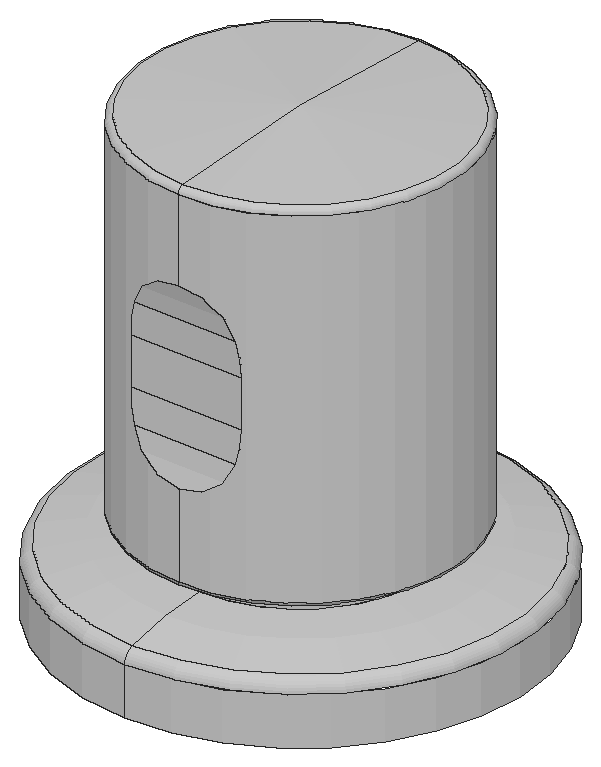
Revit family "BFS_Plumbing_Valves_hansgrohe_74997XXX-Zesis-S-Shut-off-valve_concealed-installation", category Plumbing Fixtures, host Face, Revit 2022
Family settings
  Host = Face
  Round Connector Dimension = Use Diameter
  Part Type = Normal
  OmniClass Number = 23.27.31.00
  OmniClass Title = Valves
  Cut with Voids When Loaded = No
  Maintain Annotation Orientation = No
  Shared = No
  Room Calculation Point = No
Parameters (values of type "000 Chrome")
  Version = 1  # constant formula
  URL = "https://www.hansgrohe.com/"
  Product data url = "https://www.bimobject.com/en/hansgrohe/product/74997XXX"
  Product Page URL = "https://www.hansgrohe.com/articledetail--74997000"
  Model = "74997XXX"  # constant formula
  Material 1 = Hansgrohe - Metal - 000 Chrome
  Manufacturer = "Hansgrohe"  # constant formula
  Description = "Zesis S Shut-off valve for concealed installation"  # constant formula
  Default Elevation = 0 mm
  Date Updated = ""
  Date Created = "2024/12/16"  # constant formula
Reference planes
  plane 1 "Center (Front/Back)": y = 0
  plane 2: z = 0
  plane 3 "Center (Left/Right)": x = 0
Forms (mm)
  Revolve 1, solid, material "Hansgrohe - Metal - 000 Chrome" <- "Material 1", detail levels fine
    sketch origin (0, 0, 0) x (0, 1, 0) y (0, 0, 1)
      loop
        line (33, 0) -> (33, 7.208)
        arc (33, 7.208) -> (32.585, 8.428) -> (31.512, 9.142) r 2
        arc (31.512, 9.142) -> (25.308, 10.392) -> (19, 10.891) r 52.796
        line (19, 10.891) -> (19, 13.4) -> (22.5, 13.4)
        arc (22.5, 13.4) -> (22.854, 13.546) -> (23, 13.9) r 0.5
        line (23, 13.9) -> (23, 65.996)
        arc (23, 65.996) -> (22.739, 66.67) -> (22.091, 66.991) r 1
        arc (22.091, 66.991) -> (11.057, 67.748) -> (0, 68) r 242.45
        line (0, 68) -> (0, 0) -> (33, 0)
      axis (0, 68) -> (0, 0)
    angle from 0 to 360
  Extrusion 2, void
    sketch origin (0, 0, 0) x (0, 1, 0) y (0, 0, 1)
      loop
        arc (-21.467, 43.65) -> (-21.524, 46.04) -> (-21.696, 48.425) r 49.94
        arc (-21.696, 48.425) -> (-22.611, 52.783) -> (-24.467, 56.83) r 20.034
        line (-24.467, 56.83) -> (-24.467, 23.47)
        arc (-24.467, 23.47) -> (-22.611, 27.517) -> (-21.696, 31.875) r 20.034
        arc (-21.696, 31.875) -> (-21.524, 34.26) -> (-21.467, 36.65) r 49.94
        line (-21.467, 36.65) -> (-21.467, 43.65)
    from -15 to 15
  Revolve 3, solid, material "Hansgrohe - Metal - 000 Chrome" <- "Material 1", detail levels coarse+medium
    sketch origin (0, 0, 0) x (0, 1, 0) y (0, 0, 1)
      loop
        line (33, 0) -> (33, 8.934) -> (23, 10.331) -> (23, 68) -> (0, 68) -> (0, 0) -> (33, 0)
      axis (0, 68) -> (0, 0)
    angle from 0 to 360
Cuts and joins
  Extrusion 2 cuts Revolve 1
Lines and regions (mm)
  Masking region 1
    outline origin (0, 0, 0) x (1, 0, 0) y (0, 1, 0)
      loop
        circle (0, 0) r 33
  Masking region 2
    outline origin (0, 0, 0) x (0, 1, 0) y (0, 0, 1)
      loop
        arc (31.512, 9.142) -> (25.308, 10.392) -> (19, 10.891) r 52.796
        line (19, 10.891) -> (19, 13.4) -> (22.5, 13.4)
        arc (22.5, 13.4) -> (22.854, 13.546) -> (23, 13.9) r 0.5
        line (23, 13.9) -> (23, 65.996)
        arc (23, 65.996) -> (22.739, 66.67) -> (22.091, 66.991) r 1
        arc (22.091, 66.991) -> (11.057, 67.748) -> (0, 68) r 242.45
        arc (0, 68) -> (-11.057, 67.748) -> (-22.091, 66.991) r 242.45
        arc (-22.091, 66.991) -> (-22.739, 66.67) -> (-23, 65.996) r 1
        line (-23, 65.996) -> (-23, 53.858)
        arc (-23, 53.858) -> (-22.157, 51.187) -> (-21.696, 48.425) r 20.034
        arc (-21.696, 48.425) -> (-21.524, 46.04) -> (-21.467, 43.65) r 49.94
        line (-21.467, 43.65) -> (-21.467, 36.65)
        arc (-21.467, 36.65) -> (-21.524, 34.26) -> (-21.696, 31.875) r 49.94
        arc (-21.696, 31.875) -> (-22.157, 29.113) -> (-23, 26.442) r 20.034
        line (-23, 26.442) -> (-23, 13.9)
        arc (-23, 13.9) -> (-22.854, 13.546) -> (-22.5, 13.4) r 0.5
        line (-22.5, 13.4) -> (-19, 13.4) -> (-19, 10.891)
        arc (-19, 10.891) -> (-25.308, 10.392) -> (-31.512, 9.142) r 52.796
        arc (-31.512, 9.142) -> (-32.585, 8.428) -> (-33, 7.208) r 2
        line (-33, 7.208) -> (-33, 0) -> (0, 0) -> (33, 0) -> (33, 7.208)
        arc (33, 7.208) -> (32.585, 8.428) -> (31.512, 9.142) r 2
  Masking region 3
    outline origin (0, 0, 0) x (1, 0, 0) y (0, 0, 1)
      loop
        arc (-19, 10.891) -> (-25.308, 10.392) -> (-31.512, 9.142) r 52.796
        arc (-31.512, 9.142) -> (-32.585, 8.428) -> (-33, 7.208) r 2
        line (-33, 7.208) -> (-33, 0) -> (0, 0) -> (33, 0) -> (33, 7.208)
        arc (33, 7.208) -> (32.585, 8.428) -> (31.512, 9.142) r 2
        arc (31.512, 9.142) -> (25.308, 10.392) -> (19, 10.891) r 52.796
        line (19, 10.891) -> (19, 13.4) -> (22.5, 13.4)
        arc (22.5, 13.4) -> (22.854, 13.546) -> (23, 13.9) r 0.5
        line (23, 13.9) -> (23, 65.996)
        arc (23, 65.996) -> (22.739, 66.67) -> (22.091, 66.991) r 1
        arc (22.091, 66.991) -> (11.057, 67.748) -> (0, 68) r 242.45
        arc (0, 68) -> (-11.057, 67.748) -> (-22.091, 66.991) r 242.45
        arc (-22.091, 66.991) -> (-22.739, 66.67) -> (-23, 65.996) r 1
        line (-23, 65.996) -> (-23, 13.9)
        arc (-23, 13.9) -> (-22.854, 13.546) -> (-22.5, 13.4) r 0.5
        line (-22.5, 13.4) -> (-19, 13.4) -> (-19, 10.891)
  symbolic lines
    curve 1: circle (0, 0, 0) r 33 normal (0, 0, 1)
  symbolic lines, detail levels medium+fine
    curve 2: circle (0, 0, 0) r 23 normal (0, 0, 1)
    curve 3: line (-19, 0, 10.891) -> (19, 0, 10.891)
    curve 4: line (19, 0, 13.4) -> (-19, 0, 13.4)
    curve 5: line (0, 19, 13.4) -> (0, -19, 13.4)
    curve 6: line (0, -19, 10.891) -> (0, 19, 10.891)
Dimensions and locks
  aligned and locked: plane 2 to host face
  aligned and locked: level to host face
